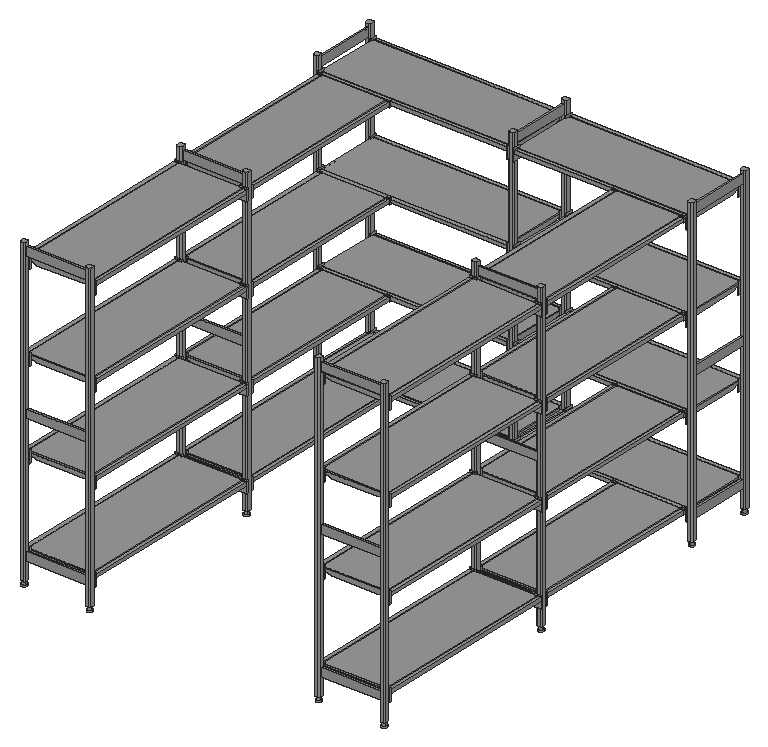
Revit family "QF_ELECTROLUXPROFESSIONAL_137098_CRS2024", category Attrezzature speciali, Revit 2020
Family settings
  Quota connettore circolare = Usa diametro
  Tipo di parte = Normale
  Basato su piano di lavoro = No
  Sempre verticale = Sì
  Taglio con vuoti quando caricato = No
  Condiviso = No
  Punto di calcolo locali = No
Parameters (values of type "Standard")
  Weight = 94.00 kg
  Watts = 0 W
  Volts = 0 V
  URL Manufacturer = "https://www.electroluxprofessional.com/"
  URL = "https://www.electroluxprofessional.com/"
  Steam Supply Size = 0 mm
  Steam Supply Minimum Pressure = 0.0 Pa
  Steam Supply Maximum Pressure = 0.0 Pa
  Steam Consumption per Hour = 0
  Refrigeration Suction Line Size = 0 mm
  Refrigeration Liquid Line Size = 0 mm
  Refrigerant Compressor Remote = yes
  Prospetto di default = 0 mm
  Produttore = "Electrolux Professional"
  Phase = 0
  Modello = "CRS2024"
  Length Actual = 708 mm  # constant formula
  Item Number = "137098"
  Hot Water Size = 0 mm
  Height Actual = 1550 mm  # constant formula
  HP = "0 HP"
  Gas Size = 0 mm
  Gas KW = 0
  Gas Input Pressure = 0 W
  Direct Waste Size = 0 mm
  Descrizione = "ALUM.SHELV.,POLY.TIERS-COLDROOM 203X243"
  Depth Actual = 373 mm  # constant formula
  Cycle = 0 Hz
  Condensate Return Size = 0 mm
  Compressed Air Volume = 0.0 L/s
  Compressed Air Size = 0 mm
  Compressed Air Pressure = 0.0 Pa
  Cold Water Size = 0 mm
  Accessory = yes
Reference planes
  plane 1 "Center (Front/Back)": y = 0
  plane 2: z = 0
  plane 3 "Center (Left/Right)": x = 0
  plane 4: x = -1015
  plane 5: y = 1215
  plane 6: y = -1215
  plane 7: x = 1015
  plane 8: x = -980
  plane 9: x = 980
  plane 10: y = 1152.5
  plane 11: y = -1152.5
Forms (mm)
  Extrusion 1, solid, material "QF_Clearances", detail levels coarse
    sketch origin (0, 0, 0) x (1, 0, 0) y (0, 1, 0)
      loop
        line (-1015, -1215) -> (1015, -1215) -> (1015, 1215) -> (-1015, 1215) -> (-1015, -1215)
      loop
        line (980, -1152.5) -> (980, 1152.5) -> (-980, 1152.5) -> (-980, -1152.5) -> (980, -1152.5)
    from 0 to 1590
Lines and regions (mm)
  symbolic lines, style "QF_Clearances"
    curve 1: line (-1015, 1215, 0) -> (-1015, -1215, 0)
    curve 2: line (1015, 1215, 0) -> (-1015, 1215, 0)
    curve 3: line (1015, -1215, 0) -> (1015, 1215, 0)
Dimensions and locks
  equal spacing: plane 5, plane 1 "Center (Front/Back)", plane 6
  plane 5 to plane 6 = 2430 mm
  equal spacing: plane 4, plane 3 "Center (Left/Right)", plane 7
  plane 4 to plane 7 = 2030 mm
  plane 4 to plane 8 = 35 mm
  plane 8 to plane 9 = 1960 mm
  plane 11 to plane 6 = 62.5 mm
  plane 10 to plane 11 = 2305 mm
  aligned and locked: level to plane 2
  aligned and locked: Extrusion 1 sketch curve to plane 4
  aligned and locked: Extrusion 1 sketch curve to plane 5
  aligned and locked: Extrusion 1 sketch curve to plane 7
  aligned and locked: Extrusion 1 sketch curve to plane 8
  aligned and locked: plane 10 to Extrusion 1 sketch curve
  aligned and locked: plane 9 to Extrusion 1 sketch curve
  aligned and locked: Extrusion 1 sketch curve to plane 11
  aligned and locked: Extrusion 1 sketch curve to plane 6
Automatic sketch dimensions
  curve 1 to plane 4 = 0 mm
  curve 2 to plane 5 = 0 mm
  curve 2 to plane 7 = 0 mm
  curve 1 to plane 6 = 0 mm
  curve 3 to plane 6 = 0 mm
Nested families
  nested 1: "QF_974" at (-430, 1129.5, 0), type "QF_974"
  nested 2: "QF_886" at (536, 1129.5, 0), type "QF_886"
  nested 3: "QF_886G" at (-728.5, 407, 0), type "QF_886G"
  nested 4: "QF_886G" at (728.5, 407, 0) x (-1, 0, 0) z (0, 0, 1), type "QF_886G"
  nested 5: "QF_974" at (596, -602.5, 0) x (0, 1, 0) z (0, 0, 1), type "QF_974"
  nested 6: "QF_974" at (-923, -602.5, 0) x (0, 1, 0) z (0, 0, 1), type "QF_974"
Definition of nested family "QF_974"
  Parameters
    Default Elevation = 0 mm
    Model = "137013"
    Manufacturer = "Electrolux Professional"
    Description = ""
  Reference planes
    plane 1: z = 0
    plane 2 "Center (Left/Right)": x = -31
    plane 3 "LEFT": x = -550
    plane 4 "RIGHT": x = 488
    plane 5 "BACK": y = 23
    plane 6 "FRONT": y = -350
    plane 7 "TOP": z = 1700
    plane 8: x = 483
    plane 9: x = -518
    plane 10: x = 456
    plane 11 "Center (Front/Back)": y = -163.5
    plane 12: x = 451
    plane 13: y = -8.5
    plane 14: y = -318.5
    plane 15 "FEET": z = 25
    plane 16: z = 140
    plane 17: z = 590
    plane 18: z = 1040
    plane 19: z = 1490
    plane 20 "CXLeft": x = -536
    plane 21 "CXRight": x = 474
    plane 22: y = 5.5
    plane 23 "CYBack": y = 5.5
    plane 24 "CYFront": y = -332.5
  Forms (mm)
    Extrusion 1, solid
      sketch origin (-550, 0, 0) x (0, 1, 0) y (0, 0, 1)
        loop
          line (4, 1515.994) -> (4, 1497.998) -> (23, 1497.998) -> (23, 1515.994) -> (4, 1515.994)
        loop
          line (-331, 1515.994) -> (-350, 1515.994) -> (-350, 1497.998) -> (-331, 1497.998) -> (-331, 1515.994)
        loop
          line (4, 1065.994) -> (4, 1047.998) -> (23, 1047.998) -> (23, 1065.994) -> (4, 1065.994)
        loop
          line (-331, 1065.994) -> (-350, 1065.994) -> (-350, 1047.998) -> (-331, 1047.998) -> (-331, 1065.994)
        loop
          line (4, 615.994) -> (4, 597.998) -> (23, 597.998) -> (23, 615.994) -> (4, 615.994)
        loop
          line (-331, 615.994) -> (-350, 615.994) -> (-350, 597.998) -> (-331, 597.998) -> (-331, 615.994)
        loop
          line (4, 165.994) -> (4, 147.998) -> (23, 147.998) -> (23, 165.994) -> (4, 165.994)
        loop
          line (-331, 165.994) -> (-350, 165.994) -> (-350, 147.998) -> (-331, 147.998) -> (-331, 165.994)
      from 32 to 1006
    Extrusion 2, solid
      sketch origin (-550, 0, 135) x (0, 1, 0) y (0, 0, 1)
        loop
          line (2.007, 1380.994) -> (-329, 1380.994) -> (-329, 1374.496) -> (2.007, 1374.496) -> (2.007, 1380.994)
        loop
          line (2.007, 930.994) -> (-329, 930.994) -> (-329, 924.496) -> (2.007, 924.496) -> (2.007, 930.994)
        loop
          line (2.007, 480.994) -> (-329, 480.994) -> (-329, 474.496) -> (2.007, 474.496) -> (2.007, 480.994)
        loop
          line (2.007, 30.994) -> (-329, 30.994) -> (-329, 24.496) -> (2.007, 24.496) -> (2.007, 30.994)
      from 32 to 1006
    Extrusion 3, solid
      sketch origin (488, 0, 135) x (0, 1, 0) y (0, 0, 1)
        loop
          line (-12, 1362.998) -> (4, 1362.998) -> (4, 1380.994) -> (2.007, 1380.994) -> (2.007, 1374.496) -> (-329, 1374.496) -> (-329, 1380.994) -> (-331, 1380.994) -> (-331, 1362.998) -> (-315, 1362.998) -> (-281, 1350.994) -> (-46, 1350.994) -> (-12, 1362.998)
        loop
          line (-12, 912.998) -> (4, 912.998) -> (4, 930.994) -> (2.007, 930.994) -> (2.007, 924.496) -> (-329, 924.496) -> (-329, 930.994) -> (-331, 930.994) -> (-331, 912.998) -> (-315, 912.998) -> (-281, 900.994) -> (-46, 900.994) -> (-12, 912.998)
        loop
          line (-12, 462.998) -> (4, 462.998) -> (4, 480.994) -> (2.007, 480.994) -> (2.007, 474.496) -> (-329, 474.496) -> (-329, 480.994) -> (-331, 480.994) -> (-331, 462.998) -> (-315, 462.998) -> (-281, 450.994) -> (-46, 450.994) -> (-12, 462.998)
        loop
          line (-12, 12.998) -> (4, 12.998) -> (4, 30.994) -> (2.007, 30.994) -> (2.007, 24.496) -> (-329, 24.496) -> (-329, 30.994) -> (-331, 30.994) -> (-331, 12.998) -> (-315, 12.998) -> (-281, 0.994) -> (-46, 0.994) -> (-12, 12.998)
      from -32 to -37
  Lines and regions (mm)
    symbolic lines
      curve 1: line (456, 4, 1700) -> (-518, 4, 1700)
      curve 2: line (-522, 23, 1700) -> (460, 23, 1700)
      curve 3: line (460, 13.246, 1700) -> (466.254, 19.5, 1700)
      curve 4: line (466.254, -8.5, 1700) -> (460, -2.246, 1700)
      curve 5: line (466.254, -318.5, 1700) -> (460, -324.754, 1700)
      curve 6: line (-522, -350, 1700) -> (460, -350, 1700)
      curve 7: line (460, 23, 1700) -> (460, -12.993, 1700)
      curve 8: line (460, -12.993, 1700) -> (456, -12.993, 1700)
      curve 9: line (460, -350, 1700) -> (460, -314.007, 1700)
      curve 10: line (460, -314.007, 1700) -> (456, -314.007, 1700)
      curve 11: line (-518, -12.993, 1700) -> (-518, -314.007, 1700)
      curve 12: line (-518, -331, 1700) -> (456, -331, 1700)
      curve 13: line (456, -12.993, 1700) -> (456, -314.007, 1700)
  Dimensions and locks
    locked: plane 3 "LEFT" to plane 4 "RIGHT" at 1038
    equal spacing: plane 3 "LEFT", plane 2 "Center (Left/Right)", plane 4 "RIGHT"
    locked: plane 7 "TOP" to level at 1700
    locked: plane 5 "BACK" to plane 6 "FRONT" at 373
    locked: plane 4 "RIGHT" to plane 8 at 5
    locked: plane 9 to plane 10 at 974
    locked: plane 3 "LEFT" to plane 9 at 32
    plane 12 to plane 10 = 5 mm
    locked: plane 13 to plane 14 at 310
    equal spacing: plane 13, plane 11 "Center (Front/Back)", plane 14
    equal spacing: plane 5 "BACK", plane 11 "Center (Front/Back)", plane 6 "FRONT"
    plane 15 "FEET" to level = 25 mm
    plane 7 "TOP" to plane 15 "FEET" = 1675 mm
    plane 17 to plane 16 = 450 mm
    plane 18 to plane 17 = 450 mm
    plane 19 to plane 18 = 450 mm
    locked: plane 3 "LEFT" to plane 20 "CXLeft" at 14
    locked: plane 21 "CXRight" to plane 4 "RIGHT" at 14
    locked: plane 5 "BACK" to plane 23 "CYBack" at 17.5
    locked: plane 24 "CYFront" to plane 6 "FRONT" at 17.5
    plane 16 to level = 140 mm
    plane 17 to level = 590 mm
    plane 18 to level = 1040 mm
    plane 19 to level = 1490 mm
    aligned and locked: level to plane 1
    aligned and locked: plane 9 to Extrusion 2
    aligned and locked: Extrusion 2 to plane 10
    aligned and locked: plane 9 to Extrusion 1
    aligned and locked: Extrusion 1 to plane 10
    aligned and locked: Extrusion 1 sketch curve to Extrusion 1 sketch curve  (x2)
    aligned and locked: Extrusion 3 sketch curve to Extrusion 3 sketch curve  (x3)
    aligned and locked: Extrusion 3 to plane 12
    aligned and locked: Extrusion 3 to plane 10
    aligned and locked: plane 20 "CXLeft" to nested 1
    aligned and locked: plane 21 "CXRight" to nested 2
  Automatic sketch dimensions
    Extrusion 1 sketch curve to plane 6 "FRONT" = 0 mm  (x4)
    Extrusion 1 sketch curve to plane 5 "BACK" = 0 mm  (x4)
    plane 24 "CYFront" to Extrusion 1 sketch curve = 1.5 mm  (x2)
    plane 22 to Extrusion 1 sketch curve = 1.5 mm  (x4)
    plane 16 to Extrusion 1 sketch curve = 7.998 mm  (x2)
    Extrusion 1 sketch curve to Extrusion 1 sketch curve = 17.997 mm  (x8)
    plane 17 to Extrusion 1 sketch curve = 7.998 mm  (x2)
    plane 18 to Extrusion 1 sketch curve = 7.998 mm  (x2)
    plane 19 to Extrusion 1 sketch curve = 7.998 mm  (x2)
    plane 24 "CYFront" to Extrusion 2 sketch curve = 3.5 mm  (x4)
    plane 22 to Extrusion 2 sketch curve = 3.493 mm  (x4)
    plane 16 to Extrusion 2 sketch curve = 19.496 mm
    Extrusion 2 sketch curve to Extrusion 2 sketch curve = 6.499 mm  (x4)
    plane 17 to Extrusion 2 sketch curve = 19.496 mm
    plane 18 to Extrusion 2 sketch curve = 19.496 mm
    plane 19 to Extrusion 2 sketch curve = 19.496 mm
    plane 24 "CYFront" to Extrusion 3 sketch curve = 1.5 mm  (x4)
    Extrusion 3 sketch curve to Extrusion 3 sketch curve = 2 mm
    plane 14 to Extrusion 3 sketch curve = 3.5 mm  (x4)
    Extrusion 3 sketch curve to plane 16 = 4.006 mm
    Extrusion 3 sketch curve to Extrusion 3 sketch curve = 34 mm  (x4)
    Extrusion 3 sketch curve to plane 17 = 4.006 mm
    Extrusion 3 sketch curve to plane 18 = 4.006 mm
    Extrusion 3 sketch curve to plane 19 = 4.006 mm
    Extrusion 3 sketch curve to plane 13 = 37.5 mm  (x4)
    Extrusion 3 sketch curve to plane 13 = 3.5 mm  (x4)
    plane 22 to Extrusion 3 sketch curve = 3.493 mm  (x4)
    plane 22 to Extrusion 3 sketch curve = 1.5 mm  (x4)
    plane 16 to Extrusion 3 sketch curve = 7.998 mm  (x2)
    Extrusion 3 sketch curve to Extrusion 3 sketch curve = 11.498 mm  (x4)
    Extrusion 3 sketch curve to Extrusion 3 sketch curve = 6.499 mm  (x8)
    plane 17 to Extrusion 3 sketch curve = 7.998 mm  (x2)
    plane 18 to Extrusion 3 sketch curve = 7.998 mm  (x2)
    plane 19 to Extrusion 3 sketch curve = 7.998 mm  (x2)
    curve 6 to plane 6 "FRONT" = 0 mm
    curve 12 to plane 9 = 0 mm
    curve 12 to plane 10 = 0 mm
    curve 5 to plane 14 = 0 mm
    curve 11 to plane 9 = 0 mm
    curve 8 to plane 10 = 0 mm
    curve 4 to plane 13 = 0 mm
    curve 1 to plane 9 = 0 mm
    curve 1 to plane 10 = 0 mm
    curve 2 to plane 5 "BACK" = 0 mm
    plane 14 to curve 10 = 4.493 mm
    curve 7 to plane 13 = 4.493 mm
    curve 10 to plane 10 = 4 mm
    curve 7 to plane 10 = 4 mm
    plane 24 "CYFront" to curve 12 = 1.5 mm
    curve 5 to plane 14 = 6.254 mm
    plane 14 to curve 11 = 4.493 mm
    curve 11 to plane 13 = 4.493 mm
    plane 13 to curve 4 = 6.254 mm
    plane 22 to curve 1 = 1.5 mm
    curve 3 to plane 22 = 7.746 mm
    curve 3 to plane 5 "BACK" = 3.5 mm
    curve 5 to curve 9 = 6.254 mm
    curve 3 to curve 2 = 6.254 mm
    curve 4 to curve 7 = 6.254 mm
    plane 9 to curve 2 = 4 mm
    plane 9 to curve 6 = 4 mm
  Nested families
    nested 1: "WT_Anta373B" at (-133, 0, 0), type "WT_Anta373B"
    nested 2: "WT_Anta373B" at (71, 0, 0) x (-1, 0, 0) z (0, 0, 1), type "WT_Anta373B"
  Definition of nested family "WT_Anta373B"
    Parameters
      WidthLeft = A + 64 mm  # 772 mm
      Width = 1606 mm
      Right = WidthLeft / 2  # 386 mm
      Default Elevation = 0 mm
      Left = -WidthLeft / 2  # -386 mm
      Height = 1590 mm
      FEET = 25 mm
      E = 0 mm
      Dint = Depth - 63 mm  # 310 mm
      Dext = Depth - 8 mm  # 365 mm
      Depth = 373 mm
      DX = (WidthLeft - A) / 2  # 32 mm
      B = 798 mm
      A = 708 mm
    Reference planes
      plane 1: z = 0
      plane 2 "LEFT": x = -417
      plane 3 "BACK": y = 23
      plane 4 "FRONT": y = -350
      plane 5 "TOP": z = 1590
      plane 6 "Center (Front/Back)": y = -163.5
      plane 7: y = -8.5
      plane 8: y = -318.5
      plane 9 "FEET": z = 25
      plane 10: z = 140
      plane 11: z = 590
      plane 12: z = 1040
      plane 13: z = 1490
      plane 14 "CXLeft": x = -403
      plane 15: y = 5.5
      plane 16 "CYBack": y = 5.5
      plane 17 "CYFront": y = -332.5
      plane 18: x = -385.031
      plane 19: x = -380.031
    Forms (mm)
      Extrusion 1, solid
        sketch origin (0, 0, 0) x (1, 0, 0) y (0, 1, 0)
          loop
            line (-417, 13.246) -> (-417, -2.246) -> (-410.746, -8.5) -> (-395.254, -8.5) -> (-389, -2.246) -> (-389, 13.246) -> (-395.254, 19.5) -> (-410.746, 19.5) -> (-417, 13.246)
        from 1590 to 25
      Extrusion 2, solid
        sketch origin (-417, 0, 0) x (0, 1, 0) y (0, 0, 1)
          loop
            line (23, 111.005) -> (23, 172.993) -> (-12.993, 172.993) -> (-12.993, 111.005) -> (23, 111.005)
          loop
            line (-350, 111.005) -> (-314.007, 111.005) -> (-314.007, 172.993) -> (-350, 172.993) -> (-350, 111.005)
          loop
            line (23, 561.005) -> (23, 622.993) -> (-12.993, 622.993) -> (-12.993, 561.005) -> (23, 561.005)
          loop
            line (-350, 561.005) -> (-314.007, 561.005) -> (-314.007, 622.993) -> (-350, 622.993) -> (-350, 561.005)
          loop
            line (23, 1011.005) -> (23, 1072.993) -> (-12.993, 1072.993) -> (-12.993, 1011.005) -> (23, 1011.005)
          loop
            line (-350, 1011.005) -> (-314.007, 1011.005) -> (-314.007, 1072.993) -> (-350, 1072.993) -> (-350, 1011.005)
          loop
            line (23, 1461.005) -> (23, 1522.993) -> (-12.993, 1522.993) -> (-12.993, 1461.005) -> (23, 1461.005)
          loop
            line (-350, 1461.005) -> (-314.007, 1461.005) -> (-314.007, 1522.993) -> (-350, 1522.993) -> (-350, 1461.005)
        from 28 to 32
      Revolve 3, solid
        sketch origin (-403, 0, 0) x (0, 1, 0) y (0, 0, 1)
          loop
            line (5.5, 25) -> (5.5, 0) -> (19, 0) -> (19, 5) -> (14, 5) -> (14, 25) -> (5.5, 25)
          axis (5.5, 25) -> (5.5, 0)
        angle from 0 to 360
      Extrusion 4, solid
        sketch origin (-403, 0, 0) x (0, 1, 0) y (0, 0, 1)
          loop
            line (-8.5, 777.382) -> (-8.5, 822.374) -> (-318.5, 822.374) -> (-318.5, 777.382) -> (-8.5, 777.382)
          loop
            line (-8.5, 1527.244) -> (-8.5, 1572.236) -> (-318.5, 1572.236) -> (-318.5, 1527.244) -> (-8.5, 1527.244)
        from -5 to 5
      Revolve 5, solid
        sketch origin (-403, -627, 0) x (0, -1, 0) y (0, 0, 1)
          loop
            line (-294.5, 25) -> (-294.5, 0) -> (-281, 0) -> (-281, 5) -> (-286, 5) -> (-286, 25) -> (-294.5, 25)
          axis (-294.5, 25) -> (-294.5, 0)
        angle from 0 to 360
      Extrusion 6, solid
        sketch origin (0, -627, 0) x (1, 0, 0) y (0, 1, 0)
          loop
            line (-417, 286.754) -> (-410.746, 280.5) -> (-395.254, 280.5) -> (-389, 286.754) -> (-389, 302.246) -> (-395.254, 308.5) -> (-410.746, 308.5) -> (-417, 302.246) -> (-417, 286.754)
        from 1590 to 25
      Extrusion 7, solid
        sketch origin (-417.031, -0.022, 0) x (0, 1, 0) y (0, 0, -1)
          loop
            line (-12, -1497.998) -> (-46, -1485.994) -> (-281, -1485.994) -> (-315, -1497.998) -> (-331, -1497.998) -> (-331, -1515.994) -> (-329, -1515.994) -> (-329, -1509.496) -> (2.007, -1509.496) -> (2.007, -1515.994) -> (4, -1515.994) -> (4, -1497.998) -> (-12, -1497.998)
          loop
            line (-12, -1047.998) -> (-46, -1035.994) -> (-281, -1035.994) -> (-315, -1047.998) -> (-331, -1047.998) -> (-331, -1065.994) -> (-329, -1065.994) -> (-329, -1059.496) -> (2.007, -1059.496) -> (2.007, -1065.994) -> (4, -1065.994) -> (4, -1047.998) -> (-12, -1047.998)
          loop
            line (-12, -597.998) -> (-46, -585.994) -> (-281, -585.994) -> (-315, -597.998) -> (-331, -597.998) -> (-331, -615.994) -> (-329, -615.994) -> (-329, -609.496) -> (2.007, -609.496) -> (2.007, -615.994) -> (4, -615.994) -> (4, -597.998) -> (-12, -597.998)
          loop
            line (-12, -147.998) -> (-46, -135.994) -> (-281, -135.994) -> (-315, -147.998) -> (-331, -147.998) -> (-331, -165.994) -> (-329, -165.994) -> (-329, -159.496) -> (2.007, -159.496) -> (2.007, -165.994) -> (4, -165.994) -> (4, -147.998) -> (-12, -147.998)
        from -32 to -37
      Extrusion 8, solid
        sketch origin (-403, 0, -659.878) x (0, 1, 0) y (0, 0, 1)
          loop
            line (-8.5, 777.382) -> (-8.5, 822.374) -> (-318.5, 822.374) -> (-318.5, 777.382) -> (-8.5, 777.382)
          loop
            line (-8.5, 1437.382) -> (-8.5, 1482.374) -> (-318.5, 1482.374) -> (-318.5, 1437.382) -> (-8.5, 1437.382)
          loop
            line (-8.5, 2187.382) -> (-8.5, 2232.374) -> (-318.5, 2232.374) -> (-318.5, 2187.382) -> (-8.5, 2187.382)
        from -5 to 5
    Lines and regions (mm)
      symbolic lines
        curve 1: line (-408, -8.5, 1590) -> (-408, -318.5, 1590)
        curve 2: line (-398, -318.5, 1590) -> (-398, -8.5, 1590)
        curve 3: line (-395.254, -8.5, 1590) -> (-410.746, -8.5, 1590)
        curve 4: line (-417, -2.246, 1590) -> (-410.746, -8.5, 1590)
        curve 5: line (-417, 13.246, 1590) -> (-417, -2.246, 1590)
        curve 6: line (-410.746, 19.5, 1590) -> (-417, 13.246, 1590)
        curve 7: line (-395.254, 19.5, 1590) -> (-410.746, 19.5, 1590)
        curve 8: line (-389, 13.246, 1590) -> (-395.254, 19.5, 1590)
        curve 9: line (-395.254, -8.5, 1590) -> (-389, -2.246, 1590)
        curve 10: line (-395.254, -318.5, 1590) -> (-410.746, -318.5, 1590)
        curve 11: line (-417, -324.754, 1590) -> (-410.746, -318.5, 1590)
        curve 12: line (-410.746, -346.5, 1590) -> (-417, -340.246, 1590)
        curve 13: line (-395.254, -346.5, 1590) -> (-410.746, -346.5, 1590)
        curve 14: line (-389, -340.246, 1590) -> (-395.254, -346.5, 1590)
        curve 15: line (-395.254, -318.5, 1590) -> (-389, -324.754, 1590)
        curve 16: line (-389, -350, 1590) -> (-389, -314.007, 1590)
        curve 17: line (-389, -314.007, 1590) -> (-385, -314.007, 1590)
        curve 18: line (-389, 23, 1590) -> (-389, -12.993, 1590)
        curve 19: line (-389, -12.993, 1590) -> (-385, -12.993, 1590)
        curve 20: line (-417, -324.754, 1590) -> (-417, -340.246, 1590)
        curve 21: line (-385, -350, 1590) -> (-385, -314.007, 1590)
        curve 22: line (-385, -350, 1590) -> (-389, -350, 1590)
        curve 23: line (-385, 23, 1590) -> (-389, 23, 1590)
        curve 24: line (-385, -12.993, 1590) -> (-385, 23, 1590)
        curve 25: line (-385.031, -13.016, 1725) -> (-385.031, -314.029, 1725)
    Dimensions and locks
      "Depth": plane 3 "BACK" to plane 4 "FRONT"
      "Dint": plane 7 to plane 8
      equal spacing: plane 7, plane 6 "Center (Front/Back)", plane 8
      equal spacing: plane 3 "BACK", plane 6 "Center (Front/Back)", plane 4 "FRONT"
      plane 9 "FEET" to level = 25 mm
      plane 10 to plane 9 "FEET" = 115 mm
      plane 11 to plane 10 = 450 mm
      plane 12 to plane 11 = 450 mm
      plane 13 to plane 12 = 450 mm
      locked: plane 2 "LEFT" to plane 14 "CXLeft" at 14
      locked: plane 3 "BACK" to plane 16 "CYBack" at 17.5
      locked: plane 17 "CYFront" to plane 4 "FRONT" at 17.5
      locked: Revolve 3 sketch curve to Revolve 3 sketch curve at 8.5
      locked: Revolve 3 sketch curve to plane 16 "CYBack" at 13.5
      locked: Revolve 5 sketch curve to Revolve 5 sketch curve at 8.5
      plane 10 to level = 140 mm
      plane 11 to level = 590 mm
      plane 12 to level = 1040 mm
      plane 13 to level = 1490 mm
      "Height": plane 5 "TOP" to level
      aligned and locked: level to plane 1
      aligned and locked: curve 20 to Extrusion 6
      aligned and locked: plane 5 "TOP" to Extrusion 1
      aligned and locked: plane 5 "TOP" to Extrusion 6
      aligned and locked: Extrusion 7 sketch curve to Extrusion 7 sketch curve  (x3)
    Automatic sketch dimensions
      curve 16 to plane 4 "FRONT" = 0 mm
      curve 11 to plane 8 = 0 mm
      curve 9 to plane 7 = 0 mm
      curve 5 to plane 2 "LEFT" = 0 mm
      curve 23 to plane 3 "BACK" = 0 mm
      plane 4 "FRONT" to curve 13 = 3.5 mm
      curve 20 to plane 17 "CYFront" = 7.746 mm
      curve 20 to plane 8 = 6.254 mm
      plane 8 to curve 16 = 4.493 mm
      curve 24 to plane 18 = 0.031 mm
      curve 24 to plane 7 = 4.493 mm
      plane 7 to curve 5 = 6.254 mm
      curve 5 to plane 15 = 7.746 mm
      curve 6 to plane 3 "BACK" = 3.5 mm
      curve 21 to plane 18 = 0.031 mm
      plane 18 to curve 23 = 3.969 mm
      plane 18 to curve 16 = 3.969 mm
      curve 18 to curve 8 = 6.254 mm
      curve 18 to curve 3 = 6.254 mm
      curve 16 to curve 13 = 6.254 mm
      curve 16 to curve 15 = 6.254 mm
      plane 2 "LEFT" to curve 10 = 6.254 mm
      plane 2 "LEFT" to curve 7 = 6.254 mm
      plane 2 "LEFT" to curve 12 = 6.254 mm
      plane 2 "LEFT" to curve 3 = 6.254 mm
      curve 14 to plane 17 "CYFront" = 7.746 mm
      curve 15 to plane 8 = 6.254 mm
      plane 7 to curve 9 = 6.254 mm
      curve 8 to plane 15 = 7.746 mm
      curve 3 to curve 2 = 2.746 mm
      curve 1 to curve 10 = 2.746 mm
      Extrusion 1 sketch curve to plane 2 "LEFT" = 0 mm
      Extrusion 1 sketch curve to plane 7 = 0 mm
      plane 2 "LEFT" to Extrusion 1 sketch curve = 6.254 mm  (x2)
      plane 14 "CXLeft" to Extrusion 1 sketch curve = 7.746 mm  (x2)
      Extrusion 1 sketch curve to plane 3 "BACK" = 3.5 mm
      plane 18 to Extrusion 1 sketch curve = 3.969 mm
      plane 7 to Extrusion 1 sketch curve = 6.254 mm  (x2)
      Extrusion 1 sketch curve to plane 15 = 7.746 mm  (x2)
      Extrusion 2 sketch curve to plane 4 "FRONT" = 0 mm  (x4)
      Extrusion 2 sketch curve to plane 3 "BACK" = 0 mm  (x4)
      plane 8 to Extrusion 2 sketch curve = 4.493 mm  (x4)
      Extrusion 2 sketch curve to plane 7 = 4.493 mm  (x4)
      Extrusion 2 sketch curve to plane 10 = 28.995 mm  (x2)
      plane 10 to Extrusion 2 sketch curve = 32.993 mm  (x2)
      Extrusion 2 sketch curve to plane 11 = 28.995 mm  (x2)
      plane 11 to Extrusion 2 sketch curve = 32.993 mm  (x2)
      Extrusion 2 sketch curve to plane 12 = 28.995 mm  (x2)
      plane 12 to Extrusion 2 sketch curve = 32.993 mm  (x2)
      Extrusion 2 sketch curve to plane 13 = 28.995 mm  (x2)
      plane 13 to Extrusion 2 sketch curve = 32.993 mm  (x2)
      Revolve 3 sketch curve to plane 9 "FEET" = 0 mm  (x2)
      Revolve 3 sketch curve to plane 15 = 0 mm  (x2)
      Revolve 3 sketch curve to level = 0 mm
      level to Revolve 3 sketch curve = 5 mm
      Revolve 3 sketch curve to Revolve 3 sketch curve = 11.655 mm
      Extrusion 4 sketch curve to plane 8 = 0 mm  (x2)
      Extrusion 4 sketch curve to plane 7 = 0 mm  (x2)
      plane 11 to Extrusion 4 sketch curve = 187.382 mm
      Extrusion 4 sketch curve to Extrusion 4 sketch curve = 44.992 mm
      plane 13 to Extrusion 4 sketch curve = 37.244 mm
      Extrusion 4 sketch curve to plane 5 "TOP" = 17.764 mm
      Revolve 5 sketch curve to plane 9 "FEET" = 0 mm  (x2)
      Revolve 5 sketch curve to plane 17 "CYFront" = 0 mm  (x2)
      Revolve 5 sketch curve to level = 0 mm
      Revolve 5 sketch curve to plane 4 "FRONT" = 4 mm
      Revolve 5 sketch curve to Revolve 5 sketch curve = 5 mm
      level to Revolve 5 sketch curve = 11.655 mm
      Extrusion 6 sketch curve to plane 2 "LEFT" = 0 mm
      Extrusion 6 sketch curve to plane 8 = 0 mm
      Extrusion 6 sketch curve to plane 2 "LEFT" = 6.254 mm  (x2)
      Extrusion 6 sketch curve to plane 14 "CXLeft" = 7.746 mm  (x2)
      Extrusion 6 sketch curve to plane 4 "FRONT" = 3.5 mm
      Extrusion 6 sketch curve to plane 18 = 3.969 mm
      plane 8 to Extrusion 6 sketch curve = 6.254 mm  (x2)
      plane 17 "CYFront" to Extrusion 6 sketch curve = 7.746 mm  (x2)
      plane 17 "CYFront" to Extrusion 7 sketch curve = 1.478 mm  (x4)
      Extrusion 7 sketch curve to Extrusion 7 sketch curve = 2 mm
      plane 8 to Extrusion 7 sketch curve = 3.478 mm  (x4)
      Extrusion 7 sketch curve to plane 10 = 4.006 mm
      Extrusion 7 sketch curve to Extrusion 7 sketch curve = 34 mm  (x4)
      Extrusion 7 sketch curve to plane 11 = 4.006 mm
      Extrusion 7 sketch curve to plane 12 = 4.006 mm
      Extrusion 7 sketch curve to plane 13 = 4.006 mm
      Extrusion 7 sketch curve to plane 7 = 37.522 mm  (x4)
      Extrusion 7 sketch curve to plane 7 = 3.522 mm  (x4)
      plane 15 to Extrusion 7 sketch curve = 3.516 mm  (x4)
      plane 15 to Extrusion 7 sketch curve = 1.522 mm  (x4)
      plane 13 to Extrusion 7 sketch curve = 7.998 mm  (x2)
      Extrusion 7 sketch curve to Extrusion 7 sketch curve = 11.498 mm
      Extrusion 7 sketch curve to Extrusion 7 sketch curve = 6.499 mm  (x5)
      plane 12 to Extrusion 7 sketch curve = 25.994 mm  (x2)
      plane 12 to Extrusion 7 sketch curve = 7.998 mm  (x2)
      plane 11 to Extrusion 7 sketch curve = 25.994 mm  (x2)
      plane 11 to Extrusion 7 sketch curve = 7.998 mm  (x2)
      plane 10 to Extrusion 7 sketch curve = 25.994 mm  (x2)
      plane 10 to Extrusion 7 sketch curve = 7.998 mm  (x2)
      curve 25 to plane 18 = 0 mm
      plane 8 to curve 25 = 4.471 mm
      curve 25 to plane 7 = 4.516 mm
      Extrusion 8 sketch curve to plane 8 = 0 mm  (x3)
      Extrusion 8 sketch curve to plane 7 = 0 mm  (x3)
      Extrusion 8 sketch curve to plane 10 = 22.496 mm
      plane 10 to Extrusion 8 sketch curve = 22.496 mm
      plane 11 to Extrusion 8 sketch curve = 187.504 mm
      Extrusion 8 sketch curve to Extrusion 8 sketch curve = 44.992 mm
      plane 13 to Extrusion 8 sketch curve = 37.504 mm
      Extrusion 8 sketch curve to plane 5 "TOP" = 17.504 mm
Definition of nested family "QF_886"
  Parameters
    Default Elevation = 0 mm
    Model = "137012"
    Manufacturer = "Electrolux Professional"
    Description = ""
  Reference planes
    plane 1: z = 0
    plane 2 "Center (Left/Right)": x = -31
    plane 3 "LEFT": x = -506
    plane 4 "RIGHT": x = 444
    plane 5 "BACK": y = 23
    plane 6 "FRONT": y = -350
    plane 7 "TOP": z = 1700
    plane 8: x = 439
    plane 9: x = -474
    plane 10: x = 412
    plane 11 "Center (Front/Back)": y = -163.5
    plane 12: x = 407
    plane 13: y = -8.5
    plane 14: y = -318.5
    plane 15 "FEET": z = 25
    plane 16: z = 140
    plane 17: z = 590
    plane 18: z = 1040
    plane 19: z = 1490
    plane 20 "CXLeft": x = -492
    plane 21 "CXRight": x = 430
    plane 22: y = 5.5
    plane 23 "CYBack": y = 5.5
    plane 24 "CYFront": y = -332.5
  Forms (mm)
    Extrusion 1, solid
      sketch origin (-506, 0, 0) x (0, 1, 0) y (0, 0, 1)
        loop
          line (4, 1515.994) -> (4, 1497.998) -> (23, 1497.998) -> (23, 1515.994) -> (4, 1515.994)
        loop
          line (-331, 1515.994) -> (-350, 1515.994) -> (-350, 1497.998) -> (-331, 1497.998) -> (-331, 1515.994)
        loop
          line (4, 1065.994) -> (4, 1047.998) -> (23, 1047.998) -> (23, 1065.994) -> (4, 1065.994)
        loop
          line (-331, 1065.994) -> (-350, 1065.994) -> (-350, 1047.998) -> (-331, 1047.998) -> (-331, 1065.994)
        loop
          line (4, 615.994) -> (4, 597.998) -> (23, 597.998) -> (23, 615.994) -> (4, 615.994)
        loop
          line (-331, 615.994) -> (-350, 615.994) -> (-350, 597.998) -> (-331, 597.998) -> (-331, 615.994)
        loop
          line (4, 165.994) -> (4, 147.998) -> (23, 147.998) -> (23, 165.994) -> (4, 165.994)
        loop
          line (-331, 165.994) -> (-350, 165.994) -> (-350, 147.998) -> (-331, 147.998) -> (-331, 165.994)
      from 32 to 918
    Extrusion 2, solid
      sketch origin (-506, 0, 135) x (0, 1, 0) y (0, 0, 1)
        loop
          line (2.007, 1380.994) -> (-329, 1380.994) -> (-329, 1374.496) -> (2.007, 1374.496) -> (2.007, 1380.994)
        loop
          line (2.007, 930.994) -> (-329, 930.994) -> (-329, 924.496) -> (2.007, 924.496) -> (2.007, 930.994)
        loop
          line (2.007, 480.994) -> (-329, 480.994) -> (-329, 474.496) -> (2.007, 474.496) -> (2.007, 480.994)
        loop
          line (2.007, 30.994) -> (-329, 30.994) -> (-329, 24.496) -> (2.007, 24.496) -> (2.007, 30.994)
      from 32 to 918
    Extrusion 3, solid
      sketch origin (444, 0, 135) x (0, 1, 0) y (0, 0, 1)
        loop
          line (-12, 1362.998) -> (4, 1362.998) -> (4, 1380.994) -> (2.007, 1380.994) -> (2.007, 1374.496) -> (-329, 1374.496) -> (-329, 1380.994) -> (-331, 1380.994) -> (-331, 1362.998) -> (-315, 1362.998) -> (-281, 1350.994) -> (-46, 1350.994) -> (-12, 1362.998)
        loop
          line (-12, 912.998) -> (4, 912.998) -> (4, 930.994) -> (2.007, 930.994) -> (2.007, 924.496) -> (-329, 924.496) -> (-329, 930.994) -> (-331, 930.994) -> (-331, 912.998) -> (-315, 912.998) -> (-281, 900.994) -> (-46, 900.994) -> (-12, 912.998)
        loop
          line (-12, 462.998) -> (4, 462.998) -> (4, 480.994) -> (2.007, 480.994) -> (2.007, 474.496) -> (-329, 474.496) -> (-329, 480.994) -> (-331, 480.994) -> (-331, 462.998) -> (-315, 462.998) -> (-281, 450.994) -> (-46, 450.994) -> (-12, 462.998)
        loop
          line (-12, 12.998) -> (4, 12.998) -> (4, 30.994) -> (2.007, 30.994) -> (2.007, 24.496) -> (-329, 24.496) -> (-329, 30.994) -> (-331, 30.994) -> (-331, 12.998) -> (-315, 12.998) -> (-281, 0.994) -> (-46, 0.994) -> (-12, 12.998)
      from -32 to -37
  Lines and regions (mm)
    symbolic lines
      curve 1: line (412, 4, 1700) -> (-474, 4, 1700)
      curve 2: line (-478, 23, 1700) -> (416, 23, 1700)
      curve 3: line (416, 13.246, 1700) -> (422.254, 19.5, 1700)
      curve 4: line (422.254, -8.5, 1700) -> (416, -2.246, 1700)
      curve 5: line (422.254, -318.5, 1700) -> (416, -324.754, 1700)
      curve 6: line (-478, -350, 1700) -> (416, -350, 1700)
      curve 7: line (416, 23, 1700) -> (416, -12.993, 1700)
      curve 8: line (416, -12.993, 1700) -> (412, -12.993, 1700)
      curve 9: line (416, -350, 1700) -> (416, -314.007, 1700)
      curve 10: line (416, -314.007, 1700) -> (412, -314.007, 1700)
      curve 11: line (-474, -12.993, 1700) -> (-474, -314.007, 1700)
      curve 12: line (-474, -331, 1700) -> (412, -331, 1700)
      curve 13: line (412, -12.993, 1700) -> (412, -314.007, 1700)
  Dimensions and locks
    locked: plane 3 "LEFT" to plane 4 "RIGHT" at 950
    equal spacing: plane 3 "LEFT", plane 2 "Center (Left/Right)", plane 4 "RIGHT"
    locked: plane 7 "TOP" to level at 1700
    locked: plane 5 "BACK" to plane 6 "FRONT" at 373
    locked: plane 4 "RIGHT" to plane 8 at 5
    locked: plane 9 to plane 10 at 886
    locked: plane 3 "LEFT" to plane 9 at 32
    plane 12 to plane 10 = 5 mm
    locked: plane 13 to plane 14 at 310
    equal spacing: plane 13, plane 11 "Center (Front/Back)", plane 14
    equal spacing: plane 5 "BACK", plane 11 "Center (Front/Back)", plane 6 "FRONT"
    plane 15 "FEET" to level = 25 mm
    plane 7 "TOP" to plane 15 "FEET" = 1675 mm
    plane 17 to plane 16 = 450 mm
    plane 18 to plane 17 = 450 mm
    plane 19 to plane 18 = 450 mm
    locked: plane 3 "LEFT" to plane 20 "CXLeft" at 14
    locked: plane 21 "CXRight" to plane 4 "RIGHT" at 14
    locked: plane 5 "BACK" to plane 23 "CYBack" at 17.5
    locked: plane 24 "CYFront" to plane 6 "FRONT" at 17.5
    plane 16 to level = 140 mm
    plane 17 to level = 590 mm
    plane 18 to level = 1040 mm
    plane 19 to level = 1490 mm
    aligned and locked: level to plane 1
    aligned and locked: plane 9 to Extrusion 2
    aligned and locked: Extrusion 2 to plane 10
    aligned and locked: plane 9 to Extrusion 1
    aligned and locked: Extrusion 1 to plane 10
    aligned and locked: Extrusion 1 sketch curve to Extrusion 1 sketch curve  (x2)
    aligned and locked: Extrusion 3 sketch curve to Extrusion 3 sketch curve  (x3)
    aligned and locked: Extrusion 3 to plane 12
    aligned and locked: Extrusion 3 to plane 10
    aligned and locked: plane 20 "CXLeft" to nested 1
    aligned and locked: plane 21 "CXRight" to nested 2
  Automatic sketch dimensions
    Extrusion 1 sketch curve to plane 6 "FRONT" = 0 mm  (x4)
    Extrusion 1 sketch curve to plane 5 "BACK" = 0 mm  (x4)
    plane 24 "CYFront" to Extrusion 1 sketch curve = 1.5 mm  (x2)
    plane 22 to Extrusion 1 sketch curve = 1.5 mm  (x4)
    plane 16 to Extrusion 1 sketch curve = 7.998 mm  (x2)
    Extrusion 1 sketch curve to Extrusion 1 sketch curve = 17.997 mm  (x8)
    plane 17 to Extrusion 1 sketch curve = 7.998 mm  (x2)
    plane 18 to Extrusion 1 sketch curve = 7.998 mm  (x2)
    plane 19 to Extrusion 1 sketch curve = 7.998 mm  (x2)
    plane 24 "CYFront" to Extrusion 2 sketch curve = 3.5 mm  (x4)
    plane 22 to Extrusion 2 sketch curve = 3.493 mm  (x4)
    plane 16 to Extrusion 2 sketch curve = 19.496 mm
    Extrusion 2 sketch curve to Extrusion 2 sketch curve = 6.499 mm  (x4)
    plane 17 to Extrusion 2 sketch curve = 19.496 mm
    plane 18 to Extrusion 2 sketch curve = 19.496 mm
    plane 19 to Extrusion 2 sketch curve = 19.496 mm
    plane 24 "CYFront" to Extrusion 3 sketch curve = 1.5 mm  (x4)
    Extrusion 3 sketch curve to Extrusion 3 sketch curve = 2 mm
    plane 14 to Extrusion 3 sketch curve = 3.5 mm  (x4)
    Extrusion 3 sketch curve to plane 16 = 4.006 mm
    Extrusion 3 sketch curve to Extrusion 3 sketch curve = 34 mm  (x4)
    Extrusion 3 sketch curve to plane 17 = 4.006 mm
    Extrusion 3 sketch curve to plane 18 = 4.006 mm
    Extrusion 3 sketch curve to plane 19 = 4.006 mm
    Extrusion 3 sketch curve to plane 13 = 37.5 mm  (x4)
    Extrusion 3 sketch curve to plane 13 = 3.5 mm  (x4)
    plane 22 to Extrusion 3 sketch curve = 3.493 mm  (x4)
    plane 22 to Extrusion 3 sketch curve = 1.5 mm  (x4)
    plane 16 to Extrusion 3 sketch curve = 7.998 mm  (x2)
    Extrusion 3 sketch curve to Extrusion 3 sketch curve = 11.498 mm  (x4)
    Extrusion 3 sketch curve to Extrusion 3 sketch curve = 6.499 mm  (x8)
    plane 17 to Extrusion 3 sketch curve = 7.998 mm  (x2)
    plane 18 to Extrusion 3 sketch curve = 7.998 mm  (x2)
    plane 19 to Extrusion 3 sketch curve = 7.998 mm  (x2)
    curve 6 to plane 6 "FRONT" = 0 mm
    curve 12 to plane 9 = 0 mm
    curve 12 to plane 10 = 0 mm
    curve 5 to plane 14 = 0 mm
    curve 11 to plane 9 = 0 mm
    curve 8 to plane 10 = 0 mm
    curve 4 to plane 13 = 0 mm
    curve 1 to plane 9 = 0 mm
    curve 1 to plane 10 = 0 mm
    curve 2 to plane 5 "BACK" = 0 mm
    plane 14 to curve 10 = 4.493 mm
    curve 7 to plane 13 = 4.493 mm
    curve 10 to plane 10 = 4 mm
    curve 7 to plane 10 = 4 mm
    plane 24 "CYFront" to curve 12 = 1.5 mm
    curve 5 to plane 14 = 6.254 mm
    plane 14 to curve 11 = 4.493 mm
    curve 11 to plane 13 = 4.493 mm
    plane 13 to curve 4 = 6.254 mm
    plane 22 to curve 1 = 1.5 mm
    curve 3 to plane 22 = 7.746 mm
    curve 3 to plane 5 "BACK" = 3.5 mm
    curve 5 to curve 9 = 6.254 mm
    curve 3 to curve 2 = 6.254 mm
    curve 4 to curve 7 = 6.254 mm
    plane 9 to curve 2 = 4 mm
    plane 9 to curve 6 = 4 mm
  Nested families
    nested 1: "WT_Anta373B" at (-89, 0, 0), type "WT_Anta373B"
    nested 2: "WT_Anta373B" at (27, 0, 0) x (-1, 0, 0) z (0, 0, 1), type "WT_Anta373B"
  Definition of nested family "WT_Anta373B"
    Parameters
      WidthLeft = A + 64 mm  # 772 mm
      Width = 1606 mm
      Right = WidthLeft / 2  # 386 mm
      Default Elevation = 0 mm
      Left = -WidthLeft / 2  # -386 mm
      Height = 1590 mm
      FEET = 25 mm
      E = 0 mm
      Dint = Depth - 63 mm  # 310 mm
      Dext = Depth - 8 mm  # 365 mm
      Depth = 373 mm
      DX = (WidthLeft - A) / 2  # 32 mm
      B = 798 mm
      A = 708 mm
    Reference planes
      plane 1: z = 0
      plane 2 "LEFT": x = -417
      plane 3 "BACK": y = 23
      plane 4 "FRONT": y = -350
      plane 5 "TOP": z = 1590
      plane 6 "Center (Front/Back)": y = -163.5
      plane 7: y = -8.5
      plane 8: y = -318.5
      plane 9 "FEET": z = 25
      plane 10: z = 140
      plane 11: z = 590
      plane 12: z = 1040
      plane 13: z = 1490
      plane 14 "CXLeft": x = -403
      plane 15: y = 5.5
      plane 16 "CYBack": y = 5.5
      plane 17 "CYFront": y = -332.5
      plane 18: x = -385.031
      plane 19: x = -380.031
    Forms (mm)
      Extrusion 1, solid
        sketch origin (0, 0, 0) x (1, 0, 0) y (0, 1, 0)
          loop
            line (-417, 13.246) -> (-417, -2.246) -> (-410.746, -8.5) -> (-395.254, -8.5) -> (-389, -2.246) -> (-389, 13.246) -> (-395.254, 19.5) -> (-410.746, 19.5) -> (-417, 13.246)
        from 1590 to 25
      Extrusion 2, solid
        sketch origin (-417, 0, 0) x (0, 1, 0) y (0, 0, 1)
          loop
            line (23, 111.005) -> (23, 172.993) -> (-12.993, 172.993) -> (-12.993, 111.005) -> (23, 111.005)
          loop
            line (-350, 111.005) -> (-314.007, 111.005) -> (-314.007, 172.993) -> (-350, 172.993) -> (-350, 111.005)
          loop
            line (23, 561.005) -> (23, 622.993) -> (-12.993, 622.993) -> (-12.993, 561.005) -> (23, 561.005)
          loop
            line (-350, 561.005) -> (-314.007, 561.005) -> (-314.007, 622.993) -> (-350, 622.993) -> (-350, 561.005)
          loop
            line (23, 1011.005) -> (23, 1072.993) -> (-12.993, 1072.993) -> (-12.993, 1011.005) -> (23, 1011.005)
          loop
            line (-350, 1011.005) -> (-314.007, 1011.005) -> (-314.007, 1072.993) -> (-350, 1072.993) -> (-350, 1011.005)
          loop
            line (23, 1461.005) -> (23, 1522.993) -> (-12.993, 1522.993) -> (-12.993, 1461.005) -> (23, 1461.005)
          loop
            line (-350, 1461.005) -> (-314.007, 1461.005) -> (-314.007, 1522.993) -> (-350, 1522.993) -> (-350, 1461.005)
        from 28 to 32
      Revolve 3, solid
        sketch origin (-403, 0, 0) x (0, 1, 0) y (0, 0, 1)
          loop
            line (5.5, 25) -> (5.5, 0) -> (19, 0) -> (19, 5) -> (14, 5) -> (14, 25) -> (5.5, 25)
          axis (5.5, 25) -> (5.5, 0)
        angle from 0 to 360
      Extrusion 4, solid
        sketch origin (-403, 0, 0) x (0, 1, 0) y (0, 0, 1)
          loop
            line (-8.5, 777.382) -> (-8.5, 822.374) -> (-318.5, 822.374) -> (-318.5, 777.382) -> (-8.5, 777.382)
          loop
            line (-8.5, 1527.244) -> (-8.5, 1572.236) -> (-318.5, 1572.236) -> (-318.5, 1527.244) -> (-8.5, 1527.244)
        from -5 to 5
      Revolve 5, solid
        sketch origin (-403, -627, 0) x (0, -1, 0) y (0, 0, 1)
          loop
            line (-294.5, 25) -> (-294.5, 0) -> (-281, 0) -> (-281, 5) -> (-286, 5) -> (-286, 25) -> (-294.5, 25)
          axis (-294.5, 25) -> (-294.5, 0)
        angle from 0 to 360
      Extrusion 6, solid
        sketch origin (0, -627, 0) x (1, 0, 0) y (0, 1, 0)
          loop
            line (-417, 286.754) -> (-410.746, 280.5) -> (-395.254, 280.5) -> (-389, 286.754) -> (-389, 302.246) -> (-395.254, 308.5) -> (-410.746, 308.5) -> (-417, 302.246) -> (-417, 286.754)
        from 1590 to 25
      Extrusion 7, solid
        sketch origin (-417.031, -0.022, 0) x (0, 1, 0) y (0, 0, -1)
          loop
            line (-12, -1497.998) -> (-46, -1485.994) -> (-281, -1485.994) -> (-315, -1497.998) -> (-331, -1497.998) -> (-331, -1515.994) -> (-329, -1515.994) -> (-329, -1509.496) -> (2.007, -1509.496) -> (2.007, -1515.994) -> (4, -1515.994) -> (4, -1497.998) -> (-12, -1497.998)
          loop
            line (-12, -1047.998) -> (-46, -1035.994) -> (-281, -1035.994) -> (-315, -1047.998) -> (-331, -1047.998) -> (-331, -1065.994) -> (-329, -1065.994) -> (-329, -1059.496) -> (2.007, -1059.496) -> (2.007, -1065.994) -> (4, -1065.994) -> (4, -1047.998) -> (-12, -1047.998)
          loop
            line (-12, -597.998) -> (-46, -585.994) -> (-281, -585.994) -> (-315, -597.998) -> (-331, -597.998) -> (-331, -615.994) -> (-329, -615.994) -> (-329, -609.496) -> (2.007, -609.496) -> (2.007, -615.994) -> (4, -615.994) -> (4, -597.998) -> (-12, -597.998)
          loop
            line (-12, -147.998) -> (-46, -135.994) -> (-281, -135.994) -> (-315, -147.998) -> (-331, -147.998) -> (-331, -165.994) -> (-329, -165.994) -> (-329, -159.496) -> (2.007, -159.496) -> (2.007, -165.994) -> (4, -165.994) -> (4, -147.998) -> (-12, -147.998)
        from -32 to -37
      Extrusion 8, solid
        sketch origin (-403, 0, -659.878) x (0, 1, 0) y (0, 0, 1)
          loop
            line (-8.5, 777.382) -> (-8.5, 822.374) -> (-318.5, 822.374) -> (-318.5, 777.382) -> (-8.5, 777.382)
          loop
            line (-8.5, 1437.382) -> (-8.5, 1482.374) -> (-318.5, 1482.374) -> (-318.5, 1437.382) -> (-8.5, 1437.382)
          loop
            line (-8.5, 2187.382) -> (-8.5, 2232.374) -> (-318.5, 2232.374) -> (-318.5, 2187.382) -> (-8.5, 2187.382)
        from -5 to 5
    Lines and regions (mm)
      symbolic lines
        curve 1: line (-408, -8.5, 1590) -> (-408, -318.5, 1590)
        curve 2: line (-398, -318.5, 1590) -> (-398, -8.5, 1590)
        curve 3: line (-395.254, -8.5, 1590) -> (-410.746, -8.5, 1590)
        curve 4: line (-417, -2.246, 1590) -> (-410.746, -8.5, 1590)
        curve 5: line (-417, 13.246, 1590) -> (-417, -2.246, 1590)
        curve 6: line (-410.746, 19.5, 1590) -> (-417, 13.246, 1590)
        curve 7: line (-395.254, 19.5, 1590) -> (-410.746, 19.5, 1590)
        curve 8: line (-389, 13.246, 1590) -> (-395.254, 19.5, 1590)
        curve 9: line (-395.254, -8.5, 1590) -> (-389, -2.246, 1590)
        curve 10: line (-395.254, -318.5, 1590) -> (-410.746, -318.5, 1590)
        curve 11: line (-417, -324.754, 1590) -> (-410.746, -318.5, 1590)
        curve 12: line (-410.746, -346.5, 1590) -> (-417, -340.246, 1590)
        curve 13: line (-395.254, -346.5, 1590) -> (-410.746, -346.5, 1590)
        curve 14: line (-389, -340.246, 1590) -> (-395.254, -346.5, 1590)
        curve 15: line (-395.254, -318.5, 1590) -> (-389, -324.754, 1590)
        curve 16: line (-389, -350, 1590) -> (-389, -314.007, 1590)
        curve 17: line (-389, -314.007, 1590) -> (-385, -314.007, 1590)
        curve 18: line (-389, 23, 1590) -> (-389, -12.993, 1590)
        curve 19: line (-389, -12.993, 1590) -> (-385, -12.993, 1590)
        curve 20: line (-417, -324.754, 1590) -> (-417, -340.246, 1590)
        curve 21: line (-385, -350, 1590) -> (-385, -314.007, 1590)
        curve 22: line (-385, -350, 1590) -> (-389, -350, 1590)
        curve 23: line (-385, 23, 1590) -> (-389, 23, 1590)
        curve 24: line (-385, -12.993, 1590) -> (-385, 23, 1590)
        curve 25: line (-385.031, -13.016, 1725) -> (-385.031, -314.029, 1725)
    Dimensions and locks
      "Depth": plane 3 "BACK" to plane 4 "FRONT"
      "Dint": plane 7 to plane 8
      equal spacing: plane 7, plane 6 "Center (Front/Back)", plane 8
      equal spacing: plane 3 "BACK", plane 6 "Center (Front/Back)", plane 4 "FRONT"
      plane 9 "FEET" to level = 25 mm
      plane 10 to plane 9 "FEET" = 115 mm
      plane 11 to plane 10 = 450 mm
      plane 12 to plane 11 = 450 mm
      plane 13 to plane 12 = 450 mm
      locked: plane 2 "LEFT" to plane 14 "CXLeft" at 14
      locked: plane 3 "BACK" to plane 16 "CYBack" at 17.5
      locked: plane 17 "CYFront" to plane 4 "FRONT" at 17.5
      locked: Revolve 3 sketch curve to Revolve 3 sketch curve at 8.5
      locked: Revolve 3 sketch curve to plane 16 "CYBack" at 13.5
      locked: Revolve 5 sketch curve to Revolve 5 sketch curve at 8.5
      plane 10 to level = 140 mm
      plane 11 to level = 590 mm
      plane 12 to level = 1040 mm
      plane 13 to level = 1490 mm
      "Height": plane 5 "TOP" to level
      aligned and locked: level to plane 1
      aligned and locked: curve 20 to Extrusion 6
      aligned and locked: plane 5 "TOP" to Extrusion 1
      aligned and locked: plane 5 "TOP" to Extrusion 6
      aligned and locked: Extrusion 7 sketch curve to Extrusion 7 sketch curve  (x3)
    Automatic sketch dimensions
      curve 16 to plane 4 "FRONT" = 0 mm
      curve 11 to plane 8 = 0 mm
      curve 9 to plane 7 = 0 mm
      curve 5 to plane 2 "LEFT" = 0 mm
      curve 23 to plane 3 "BACK" = 0 mm
      plane 4 "FRONT" to curve 13 = 3.5 mm
      curve 20 to plane 17 "CYFront" = 7.746 mm
      curve 20 to plane 8 = 6.254 mm
      plane 8 to curve 16 = 4.493 mm
      curve 24 to plane 18 = 0.031 mm
      curve 24 to plane 7 = 4.493 mm
      plane 7 to curve 5 = 6.254 mm
      curve 5 to plane 15 = 7.746 mm
      curve 6 to plane 3 "BACK" = 3.5 mm
      curve 21 to plane 18 = 0.031 mm
      plane 18 to curve 23 = 3.969 mm
      plane 18 to curve 16 = 3.969 mm
      curve 18 to curve 8 = 6.254 mm
      curve 18 to curve 3 = 6.254 mm
      curve 16 to curve 13 = 6.254 mm
      curve 16 to curve 15 = 6.254 mm
      plane 2 "LEFT" to curve 10 = 6.254 mm
      plane 2 "LEFT" to curve 7 = 6.254 mm
      plane 2 "LEFT" to curve 12 = 6.254 mm
      plane 2 "LEFT" to curve 3 = 6.254 mm
      curve 14 to plane 17 "CYFront" = 7.746 mm
      curve 15 to plane 8 = 6.254 mm
      plane 7 to curve 9 = 6.254 mm
      curve 8 to plane 15 = 7.746 mm
      curve 3 to curve 2 = 2.746 mm
      curve 1 to curve 10 = 2.746 mm
      Extrusion 1 sketch curve to plane 2 "LEFT" = 0 mm
      Extrusion 1 sketch curve to plane 7 = 0 mm
      plane 2 "LEFT" to Extrusion 1 sketch curve = 6.254 mm  (x2)
      plane 14 "CXLeft" to Extrusion 1 sketch curve = 7.746 mm  (x2)
      Extrusion 1 sketch curve to plane 3 "BACK" = 3.5 mm
      plane 18 to Extrusion 1 sketch curve = 3.969 mm
      plane 7 to Extrusion 1 sketch curve = 6.254 mm  (x2)
      Extrusion 1 sketch curve to plane 15 = 7.746 mm  (x2)
      Extrusion 2 sketch curve to plane 4 "FRONT" = 0 mm  (x4)
      Extrusion 2 sketch curve to plane 3 "BACK" = 0 mm  (x4)
      plane 8 to Extrusion 2 sketch curve = 4.493 mm  (x4)
      Extrusion 2 sketch curve to plane 7 = 4.493 mm  (x4)
      Extrusion 2 sketch curve to plane 10 = 28.995 mm  (x2)
      plane 10 to Extrusion 2 sketch curve = 32.993 mm  (x2)
      Extrusion 2 sketch curve to plane 11 = 28.995 mm  (x2)
      plane 11 to Extrusion 2 sketch curve = 32.993 mm  (x2)
      Extrusion 2 sketch curve to plane 12 = 28.995 mm  (x2)
      plane 12 to Extrusion 2 sketch curve = 32.993 mm  (x2)
      Extrusion 2 sketch curve to plane 13 = 28.995 mm  (x2)
      plane 13 to Extrusion 2 sketch curve = 32.993 mm  (x2)
      Revolve 3 sketch curve to plane 9 "FEET" = 0 mm  (x2)
      Revolve 3 sketch curve to plane 15 = 0 mm  (x2)
      Revolve 3 sketch curve to level = 0 mm
      level to Revolve 3 sketch curve = 5 mm
      Revolve 3 sketch curve to Revolve 3 sketch curve = 11.655 mm
      Extrusion 4 sketch curve to plane 8 = 0 mm  (x2)
      Extrusion 4 sketch curve to plane 7 = 0 mm  (x2)
      plane 11 to Extrusion 4 sketch curve = 187.382 mm
      Extrusion 4 sketch curve to Extrusion 4 sketch curve = 44.992 mm
      plane 13 to Extrusion 4 sketch curve = 37.244 mm
      Extrusion 4 sketch curve to plane 5 "TOP" = 17.764 mm
      Revolve 5 sketch curve to plane 9 "FEET" = 0 mm  (x2)
      Revolve 5 sketch curve to plane 17 "CYFront" = 0 mm  (x2)
      Revolve 5 sketch curve to level = 0 mm
      Revolve 5 sketch curve to plane 4 "FRONT" = 4 mm
      Revolve 5 sketch curve to Revolve 5 sketch curve = 5 mm
      level to Revolve 5 sketch curve = 11.655 mm
      Extrusion 6 sketch curve to plane 2 "LEFT" = 0 mm
      Extrusion 6 sketch curve to plane 8 = 0 mm
      Extrusion 6 sketch curve to plane 2 "LEFT" = 6.254 mm  (x2)
      Extrusion 6 sketch curve to plane 14 "CXLeft" = 7.746 mm  (x2)
      Extrusion 6 sketch curve to plane 4 "FRONT" = 3.5 mm
      Extrusion 6 sketch curve to plane 18 = 3.969 mm
      plane 8 to Extrusion 6 sketch curve = 6.254 mm  (x2)
      plane 17 "CYFront" to Extrusion 6 sketch curve = 7.746 mm  (x2)
      plane 17 "CYFront" to Extrusion 7 sketch curve = 1.478 mm  (x4)
      Extrusion 7 sketch curve to Extrusion 7 sketch curve = 2 mm
      plane 8 to Extrusion 7 sketch curve = 3.478 mm  (x4)
      Extrusion 7 sketch curve to plane 10 = 4.006 mm
      Extrusion 7 sketch curve to Extrusion 7 sketch curve = 34 mm  (x4)
      Extrusion 7 sketch curve to plane 11 = 4.006 mm
      Extrusion 7 sketch curve to plane 12 = 4.006 mm
      Extrusion 7 sketch curve to plane 13 = 4.006 mm
      Extrusion 7 sketch curve to plane 7 = 37.522 mm  (x4)
      Extrusion 7 sketch curve to plane 7 = 3.522 mm  (x4)
      plane 15 to Extrusion 7 sketch curve = 3.516 mm  (x4)
      plane 15 to Extrusion 7 sketch curve = 1.522 mm  (x4)
      plane 13 to Extrusion 7 sketch curve = 7.998 mm  (x2)
      Extrusion 7 sketch curve to Extrusion 7 sketch curve = 11.498 mm
      Extrusion 7 sketch curve to Extrusion 7 sketch curve = 6.499 mm  (x5)
      plane 12 to Extrusion 7 sketch curve = 25.994 mm  (x2)
      plane 12 to Extrusion 7 sketch curve = 7.998 mm  (x2)
      plane 11 to Extrusion 7 sketch curve = 25.994 mm  (x2)
      plane 11 to Extrusion 7 sketch curve = 7.998 mm  (x2)
      plane 10 to Extrusion 7 sketch curve = 25.994 mm  (x2)
      plane 10 to Extrusion 7 sketch curve = 7.998 mm  (x2)
      curve 25 to plane 18 = 0 mm
      plane 8 to curve 25 = 4.471 mm
      curve 25 to plane 7 = 4.516 mm
      Extrusion 8 sketch curve to plane 8 = 0 mm  (x3)
      Extrusion 8 sketch curve to plane 7 = 0 mm  (x3)
      Extrusion 8 sketch curve to plane 10 = 22.496 mm
      plane 10 to Extrusion 8 sketch curve = 22.496 mm
      plane 11 to Extrusion 8 sketch curve = 187.504 mm
      Extrusion 8 sketch curve to Extrusion 8 sketch curve = 44.992 mm
      plane 13 to Extrusion 8 sketch curve = 37.504 mm
      Extrusion 8 sketch curve to plane 5 "TOP" = 17.504 mm
Definition of nested family "QF_886G"
  Parameters
    Default Elevation = 0 mm
    Model = "137032"
    Manufacturer = "Electrolux Professional"
    Description = ""
  Reference planes
    plane 1: z = 0
    plane 2 "Center (F/B)": y = -163.5
    plane 3 "Front": y = -549.5
    plane 4 "Left": x = -217.5
    plane 5 "Right": x = 155.5
    plane 6 "TOP": z = 1700
    plane 7: y = -517.5
    plane 8: y = 368.5
    plane 9 "Center (Left/Right)": x = -31
    plane 10: y = 363.5
    plane 11: x = -186
    plane 12: x = 124
    plane 13 "FEET": z = 25
    plane 14: z = 140
    plane 15: z = 590
    plane 16: z = 1040
    plane 17: z = 1490
    plane 18 "CXLeft": y = -535.5
    plane 19: x = -200
    plane 20 "CYBack": x = -200
    plane 21 "CYFront": x = 138
    plane 22 "Back": y = 372.5
    plane 23 "LEFT_ORIGIN": x = -251.5
    plane 24 "BACK_Origin": y = 745.5
  Forms (mm)
    Extrusion 1, solid
      sketch origin (0, -549.5, 0) x (-1, 0, 0) y (0, 0, 1)
        loop
          line (198.5, 1515.994) -> (198.5, 1497.998) -> (217.5, 1497.998) -> (217.5, 1515.994) -> (198.5, 1515.994)
        loop
          line (-136.5, 1515.994) -> (-155.5, 1515.994) -> (-155.5, 1497.998) -> (-136.5, 1497.998) -> (-136.5, 1515.994)
        loop
          line (198.5, 1065.994) -> (198.5, 1047.998) -> (217.5, 1047.998) -> (217.5, 1065.994) -> (198.5, 1065.994)
        loop
          line (-136.5, 1065.994) -> (-155.5, 1065.994) -> (-155.5, 1047.998) -> (-136.5, 1047.998) -> (-136.5, 1065.994)
        loop
          line (198.5, 615.994) -> (198.5, 597.998) -> (217.5, 597.998) -> (217.5, 615.994) -> (198.5, 615.994)
        loop
          line (-136.5, 615.994) -> (-155.5, 615.994) -> (-155.5, 597.998) -> (-136.5, 597.998) -> (-136.5, 615.994)
        loop
          line (198.5, 165.994) -> (198.5, 147.998) -> (217.5, 147.998) -> (217.5, 165.994) -> (198.5, 165.994)
        loop
          line (-136.5, 165.994) -> (-155.5, 165.994) -> (-155.5, 147.998) -> (-136.5, 147.998) -> (-136.5, 165.994)
      from 32 to 918
    Extrusion 2, solid
      sketch origin (0, -549.5, 0) x (-1, 0, 0) y (0, 0, 1)
        loop
          line (196.507, 1515.994) -> (-134.5, 1515.994) -> (-134.5, 1509.496) -> (196.507, 1509.496) -> (196.507, 1515.994)
        loop
          line (196.507, 1065.994) -> (-134.5, 1065.994) -> (-134.5, 1059.496) -> (196.507, 1059.496) -> (196.507, 1065.994)
        loop
          line (196.507, 615.994) -> (-134.5, 615.994) -> (-134.5, 609.496) -> (196.507, 609.496) -> (196.507, 615.994)
        loop
          line (196.507, 165.994) -> (-134.5, 165.994) -> (-134.5, 159.496) -> (196.507, 159.496) -> (196.507, 165.994)
      from 32 to 918
  Lines and regions (mm)
    symbolic lines
      curve 1: line (-198.5, 368.5, 1700) -> (-198.5, -517.5, 1700)
      curve 2: line (-217.5, -521.5, 1700) -> (-217.5, 368.5, 1700)
      curve 3: line (155.5, -521.5, 1700) -> (155.5, 368.5, 1700)
      curve 4: line (-181.507, -517.5, 1700) -> (119.507, -517.5, 1700)
      curve 5: line (136.5, -517.5, 1700) -> (136.5, 368.5, 1700)
      curve 6: line (-198.5, 368.5, 1700) -> (136.5, 368.5, 1700)
  Dimensions and locks
    plane 3 "Front" to plane 2 "Center (F/B)" = 386 mm
    locked: plane 4 "Left" to plane 5 "Right" at 373
    locked: plane 7 to plane 8 at 886
    locked: plane 3 "Front" to plane 7 at 32
    plane 10 to plane 8 = 5 mm
    locked: plane 11 to plane 12 at 310
    equal spacing: plane 11, plane 9 "Center (Left/Right)", plane 12
    equal spacing: plane 4 "Left", plane 9 "Center (Left/Right)", plane 5 "Right"
    locked: plane 3 "Front" to plane 18 "CXLeft" at 14
    locked: plane 3 "Front" to plane 22 "Back" at 922
    plane 23 "LEFT_ORIGIN" to plane 5 "Right" = 407 mm
    locked: plane 22 "Back" to plane 24 "BACK_Origin" at 373
    plane 14 to level = 140 mm
    plane 15 to level = 590 mm
    plane 16 to level = 1040 mm
    locked: plane 6 "TOP" to level at 1700
    plane 17 to level = 1490 mm
    plane 13 "FEET" to level = 25 mm
    aligned and locked: level to plane 1
    aligned and locked: Extrusion 2 to plane 7
    aligned and locked: plane 8 to Extrusion 2
    aligned and locked: Extrusion 1 to plane 7
